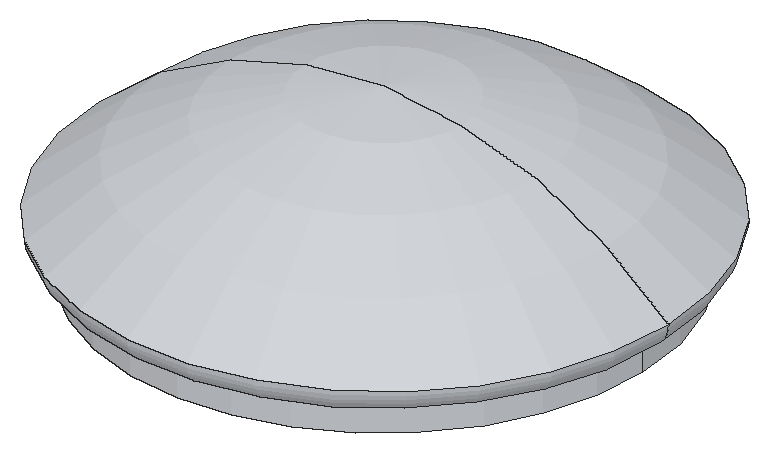
Revit family "0043506", category Lighting Fixtures, host Face, Revit 2017
Family settings
  Host = Face
  Round Connector Dimension = Use Diameter
  Part Type = Normal
  OmniClass Number = 23.80.70.00
  OmniClass Title = Lighting
  Cut with Voids When Loaded = No
  Light Source = Yes
  Shared = No
  Room Calculation Point = No
Parameters (values of type "0043506_3000K SYLCIRCLE IP44 1550LM MW 830/840 DT")
  YIN_SENSOR_SYL = no
  YIN_360_SYL = no
  YIN_330_SYL = yes
  YIN_250_SYL = no
  YIN_180_SYL = no
  Weight = "3.42 kg"
  Wattage Comments = ""
  Wattage = 0 W
  WarrantyStartDate [instance] = "n/a"
  WarrantyGuarantorParts = "n/a"
  WarrantyDurationUnit = "n/a"
  WarrantyDurationParts = "n/a"
  WarrantyDescription = "n/a"
  built-in parameter 1150110 = 1 (stored number, unit not read)
  Voltage = 0 V
  URL = "http://www.sylvania-lighting.com"
  TypeName = "SylCircle IP44 1550LM MW 830/840 DualTone"
  Type Image = <None>
  Type Comments = "n/a"
  built-in parameter 1114217 = 1 (stored number, unit not read)
  Tilt Angle = -90.00°
  built-in parameter 1150109 = 1 (stored number, unit not read)
  built-in parameter 1150134 = 3
  built-in parameter 1150113 = 1 (stored number, unit not read)
  SerialNumber [instance] = "n/a"
  SENSOR_SYL = 12 mm
  Photometric Web File = "0043506_3000K.ies"
  Material_3_SYL = none
  PowerFactor = 0
  PowerConsumption = "n/a"
  NominalLength = 0 mm
  NominalHeight = 0 mm
  NominalDepth = 0 mm
  Name = "SylCircle IP44 1550LM MW 830/840 DualTone"
  ModelReference = Name  # "SylCircle IP44 1550LM MW 830/840 DualTone"
  ModelNumber = "0043506"
  Model = Name  # "SylCircle IP44 1550LM MW 830/840 DualTone"
  Material = "n/a"
  ManufacturerName = "Feilo Sylvania"
  Manufacturer = "Feilo Sylvania"
  LuminousEfficacy = "n/a"
  built-in parameter 1150105 = (empty or 0)
  Lumens = 0 lm
  LuminaireType = ""
  built-in parameter 1150115 = 1 (stored number, unit not read)
  LightOutputRatio = "n/a"
  built-in parameter 1150137 = (empty or 0)
  built-in parameter 1150139 = (empty or 0)
  LampsType = Lamp  # "LED"
  LampNominalLuminous = "n/a"
  LampMacAdamStep = "n/a"
  LampColourTemperature = "n/a"
  LampColourRenderingIndex = "n/a"
  built-in parameter 1150112 = 1 (stored number, unit not read)
  built-in parameter 1150114 = 1 (stored number, unit not read)
  Lamp = "LED"
  LUM_R_SYL = if(YIN_180_SYL, 90 mm, if(YIN_250_SYL, 125 mm, if(YIN_330_SYL, 165 mm, if(YIN_360_SYL, 180 mm, 180 mm))))  # 165 mm
  LUM_R_HEIGHT_SYL = LUM_H_SYL - 30 mm  # 66 mm
  LUM_H_SYL = if(YIN_180_SYL, 75 mm, if(YIN_250_SYL, 80 mm, if(YIN_330_SYL, 96 mm, if(YIN_360_SYL, 100 mm, 100 mm))))  # 96 mm
  Keynote = "16500"
  InstallationDate [instance] = "n/a"
  InputVoltage = "n/a"
  InputNominalFrequency = "n/a"
  built-in parameter 1150132 = (empty or 0)
  built-in parameter 1150102 = (empty or 0)
  built-in parameter 1150107 = 3200 (stored number, unit not read)
  built-in parameter 1150138 = (empty or 0)
  IngressProtection = "n/a"
  ImpactProtectionIndex = "n/a"
  built-in parameter 1150106 = 1.0982 (stored number, unit not read)
  IfcExportType = "IfcLightFixtureType"
  IfcExportAs = "IfcLightFixtureType"
  Emit from Circle Diameter = 609.6 mm
  Emit Shape Visible in Rendering = no
  ElectricShockClassification = "n/a"
  built-in parameter 1150104 = (empty or 0)
  DocumentationLiterature = "http://www.sylvania-lighting.com/product/en-int/products/0043506"
  DimmingControlOptions = "n/a"
  Material_2_SYL = none
  Dimming Lamp Color Temperature Shift = <None>
  Description = ""
  Default Elevation = 1219.2 mm
  CreatedOn = "8/17/2020"
  CreatedBy = "@sylvania-lighting.com"
  Cost = 0
  Color Filter = 16777215
  built-in parameter 1114216 [instance] = (empty or 0)
  ClassificationValue = "EF_70_80"
  ClassificationName = "Uniclass2015"
  Material_1_SYL = none
  BarCode [instance] = "n/a"
  built-in parameter 1114218 = 1 (stored number, unit not read)
  BOTTOM_R_SYL = if(YIN_180_SYL, 76 mm, if(YIN_250_SYL, 110 mm, if(YIN_330_SYL, 150 mm, if(YIN_360_SYL, 150 mm, 150 mm))))  # 150 mm
  BOTTOM_HEIGHT_SYL = LUM_H_SYL - 15 mm  # 81 mm
  built-in parameter 1150133 = 10 (stored number, unit not read)
  AssetType = "Fixed"
  AssetIdentifier [instance] = "n/a"
  Assembly Code = "D5020200"
  Apparent Load = 0 VA
  Material_4_SYL = none
Types (16, lengths in mm): name | YIN_360_SYL | YIN_330_SYL | YIN_250_SYL | YIN_180_SYL | Weight | TypeName | Photometric Web File | Name | ModelReference | ModelNumber | Model | LUM_R_SYL | LUM_R_HEIGHT_SYL | LUM_H_SYL | DocumentationLiterature | BOTTOM_R_SYL | BOTTOM_HEIGHT_SYL
  0043507_3000K SYLCIRCLE IP44 2050LM MW 830/840 DT | yes | no | no | no | "3.42 kg" | "SylCircle IP44 2050LM MW 830/840 DualTone" | "0043507_3000K.ies" | "SylCircle IP44 2050LM MW 830/840 DualTone" | "SylCircle IP44 2050LM MW 830/840 DualTone" | "0043507" | "SylCircle IP44 2050LM MW 830/840 DualTone" | 180 | 70 | 100 | "http://www.sylvania-lighting.com/product/en-int/products/0043507" | 150 | 85
  0043506_4000K SYLCIRCLE IP44 1550LM MW 830/840 DT | no | yes | no | no | "3.42 kg" | "SylCircle IP44 1550LM MW 830/840 DualTone" | "0043506_4000K.ies" | "SylCircle IP44 1550LM MW 830/840 DualTone" | "SylCircle IP44 1550LM MW 830/840 DualTone" | "0043506" | "SylCircle IP44 1550LM MW 830/840 DualTone" | 165 | 66 | 96 | "http://www.sylvania-lighting.com/product/en-int/products/0043506" | 150 | 81
  0043506_3000K SYLCIRCLE IP44 1550LM MW 830/840 DT | no | yes | no | no | "3.42 kg" | "SylCircle IP44 1550LM MW 830/840 DualTone" | "0043506_3000K.ies" | "SylCircle IP44 1550LM MW 830/840 DualTone" | "SylCircle IP44 1550LM MW 830/840 DualTone" | "0043506" | "SylCircle IP44 1550LM MW 830/840 DualTone" | 165 | 66 | 96 | "http://www.sylvania-lighting.com/product/en-int/products/0043506" | 150 | 81
  0043505_4000K SYLCIRCLE IP44 2050LM DIM 830/840 DT | yes | no | no | no | "3.54 kg" | "SylCircle IP44 2050LM DIM 830/840 DualTone" | "0043505_4000K.ies" | "SylCircle IP44 2050LM DIM 830/840 DualTone" | "SylCircle IP44 2050LM DIM 830/840 DualTone" | "0043505" | "SylCircle IP44 2050LM DIM 830/840 DualTone" | 180 | 70 | 100 | "http://www.sylvania-lighting.com/product/en-int/products/0043505" | 150 | 85
  0043505_3000K SYLCIRCLE IP44 2050LM DIM 830/840 DT | yes | no | no | no | "3.54 kg" | "SylCircle IP44 2050LM DIM 830/840 DualTone" | "0043505_3000K.ies" | "SylCircle IP44 2050LM DIM 830/840 DualTone" | "SylCircle IP44 2050LM DIM 830/840 DualTone" | "0043505" | "SylCircle IP44 2050LM DIM 830/840 DualTone" | 180 | 70 | 100 | "http://www.sylvania-lighting.com/product/en-int/products/0043505" | 150 | 85
  0043504_4000K SYLCIRCLE IP44 1550LM DIM 830/840 DT | no | yes | no | no | "3.54 kg" | "SylCircle IP44 1550LM DIM 830/840 DualTone" | "0043504_4000K.ies" | "SylCircle IP44 1550LM DIM 830/840 DualTone" | "SylCircle IP44 1550LM DIM 830/840 DualTone" | "0043504" | "SylCircle IP44 1550LM DIM 830/840 DualTone" | 165 | 66 | 96 | "http://www.sylvania-lighting.com/product/en-int/products/0043504" | 150 | 81
  0043504_3000K SYLCIRCLE IP44 1550LM DIM 830/840 DT | no | yes | no | no | "3.54 kg" | "SylCircle IP44 1550LM DIM 830/840 DualTone" | "0043504_3000K.ies" | "SylCircle IP44 1550LM DIM 830/840 DualTone" | "SylCircle IP44 1550LM DIM 830/840 DualTone" | "0043504" | "SylCircle IP44 1550LM DIM 830/840 DualTone" | 165 | 66 | 96 | "http://www.sylvania-lighting.com/product/en-int/products/0043504" | 150 | 81
  0043499_4000K SYLCIRCLE IP44 2050LM 830/840 DT | yes | no | no | no | "3.12 kg" | "SylCircle IP44 2050lm 830/840 DualTone" | "0043499_4000K.ies" | "SylCircle IP44 2050lm 830/840 DualTone" | "SylCircle IP44 2050lm 830/840 DualTone" | "0043499" | "SylCircle IP44 2050lm 830/840 DualTone" | 180 | 70 | 100 | "http://www.sylvania-lighting.com/product/en-int/products/0043499" | 150 | 85
  0043499_3000K SYLCIRCLE IP44 2050LM 830/840 DT | yes | no | no | no | "3.12 kg" | "SylCircle IP44 2050lm 830/840 DualTone" | "0043499_3000K.ies" | "SylCircle IP44 2050lm 830/840 DualTone" | "SylCircle IP44 2050lm 830/840 DualTone" | "0043499" | "SylCircle IP44 2050lm 830/840 DualTone" | 180 | 70 | 100 | "http://www.sylvania-lighting.com/product/en-int/products/0043499" | 150 | 85
  0043498_4000K SYLCIRCLE IP44 1550LM 830/840 DT | no | yes | no | no | "3.12 kg" | "SylCircle IP44 1550lm 830/840 DualTone" | "0043498_4000K.ies" | "SylCircle IP44 1550lm 830/840 DualTone" | "SylCircle IP44 1550lm 830/840 DualTone" | "0043498" | "SylCircle IP44 1550lm 830/840 DualTone" | 165 | 66 | 96 | "http://www.sylvania-lighting.com/product/en-int/products/0043498" | 150 | 81
  0043498_3000K SYLCIRCLE IP44 1550LM 830/840 DT | no | yes | no | no | "3.12 kg" | "SylCircle IP44 1550lm 830/840 DualTone" | "0043498_3000K.ies" | "SylCircle IP44 1550lm 830/840 DualTone" | "SylCircle IP44 1550lm 830/840 DualTone" | "0043498" | "SylCircle IP44 1550lm 830/840 DualTone" | 165 | 66 | 96 | "http://www.sylvania-lighting.com/product/en-int/products/0043498" | 150 | 81
  0043497_4000K SYLCIRCLE IP44 1025LM 830/840 DT | no | no | yes | no | "1.5 kg" | "SylCircle IP44 1025lm 830/840 DualTone" | "0043497_4000K.ies" | "SylCircle IP44 1025lm 830/840 DualTone" | "SylCircle IP44 1025lm 830/840 DualTone" | "0043497" | "SylCircle IP44 1025lm 830/840 DualTone" | 125 | 50 | 80 | "http://www.sylvania-lighting.com/product/en-int/products/0043497" | 110 | 65
  0043497_3000K SYLCIRCLE IP44 1025LM 830/840 DT | no | no | yes | no | "1.5 kg" | "SylCircle IP44 1025lm 830/840 DualTone" | "0043497_3000K.ies" | "SylCircle IP44 1025lm 830/840 DualTone" | "SylCircle IP44 1025lm 830/840 DualTone" | "0043497" | "SylCircle IP44 1025lm 830/840 DualTone" | 125 | 50 | 80 | "http://www.sylvania-lighting.com/product/en-int/products/0043497" | 110 | 65
  0043496_4000K SYLCIRCLE IP44 520LM 830/840 DT | no | no | no | yes | "1.02 kg" | "SylCircle IP44 520lm 830/840 DualTone" | "0043496_4000K.ies" | "SylCircle IP44 520lm 830/840 DualTone" | "SylCircle IP44 520lm 830/840 DualTone" | "0043496" | "SylCircle IP44 520lm 830/840 DualTone" | 90 | 45 | 75 | "http://www.sylvania-lighting.com/product/en-int/products/0043496" | 76 | 60
  0043496_3000K SYLCIRCLE IP44 520LM 830/840 DT | no | no | no | yes | "1.02 kg" | "SylCircle IP44 520lm 830/840 DualTone" | "0043496_3000K.ies" | "SylCircle IP44 520lm 830/840 DualTone" | "SylCircle IP44 520lm 830/840 DualTone" | "0043496" | "SylCircle IP44 520lm 830/840 DualTone" | 90 | 45 | 75 | "http://www.sylvania-lighting.com/product/en-int/products/0043496" | 76 | 60
  0043507_4000K SYLCIRCLE IP44 2050LM MW 830/840 DT | yes | no | no | no | "3.42 kg" | "SylCircle IP44 2050LM MW 830/840 DualTone" | "0043507_4000K.ies" | "SylCircle IP44 2050LM MW 830/840 DualTone" | "SylCircle IP44 2050LM MW 830/840 DualTone" | "0043507" | "SylCircle IP44 2050LM MW 830/840 DualTone" | 180 | 70 | 100 | "http://www.sylvania-lighting.com/product/en-int/products/0043507" | 150 | 85
Reference planes
  plane 1 "Center (Front/Back)": y = 0
  plane 2: z = 0
  plane 3 "Center (Left/Right)": x = 0
  plane 4: x = -150
  plane 5: x = -165
  plane 6: z = -96
  plane 7: z = -66
  plane 8: z = -81
  plane 9: z = 12
Forms (mm)
  Revolve 1, solid
    sketch origin (0, 0, 0) x (1, 0, 0) y (0, 0, 1)
      loop
        line (0, -96) -> (0, 0)
        arc (0, 0) -> (-88.728, -17.429) -> (-165, -66) r 243.775
        arc (-165, -66) -> (-160.54, -76.54) -> (-150, -81) r 15.235
        line (-150, -81) -> (-150, -96) -> (0, -96)
      axis (0, -96) -> (0, 0)
    angle from 360 to 0
Dimensions and locks
  "BOTTOM_R_SYL": plane 3 "Center (Left/Right)" to plane 4
  "LUM_R_SYL": plane 3 "Center (Left/Right)" to plane 5
  "BOTTOM_HEIGHT_SYL": host face to plane 8
  "LUM_R_HEIGHT_SYL": host face to plane 7
  "LUM_H_SYL": host face to plane 6
  "SENSOR_SYL": plane 9 to host face
  aligned and locked: plane 2 to host face
  aligned and locked: level to host face
  aligned and locked: Revolve 1 sketch curve to plane 6
  aligned and locked: plane 4 to Revolve 1 sketch curve
  aligned and locked: imposter light to Revolve 1 sketch curve
  aligned and locked: Revolve 1 sketch curve to imposter light
Automatic sketch dimensions
  host sketch curve to host sketch curve = 2438.4 mm  (x2)
  Revolve 1 sketch curve to plane 5 = 0 mm
  Revolve 1 sketch curve to plane 8 = 0 mm
  Revolve 1 sketch curve to plane 7 = 0 mm
  plane 4 to Revolve 1 sketch curve = 0.233 mm
  plane 3 "Center (Left/Right)" to Revolve 1 sketch curve = 1.807 mm
